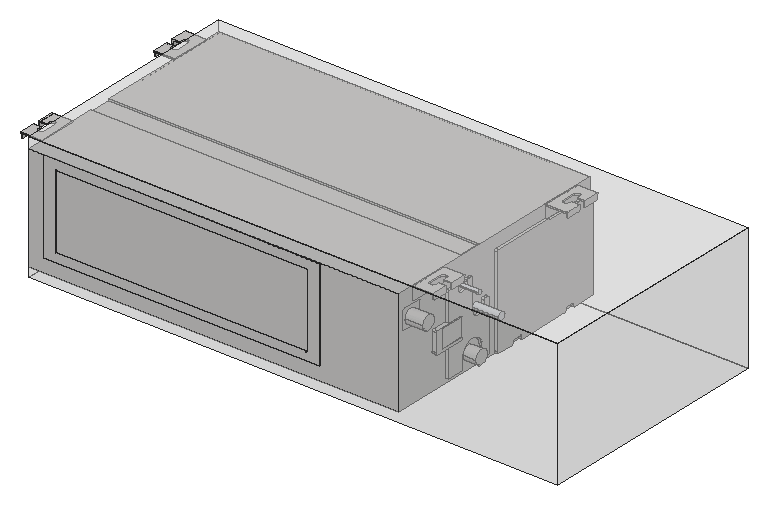
Revit family "outputfile", category 機械設備, Revit 2024
Family settings
  丸型コネクタ寸法 = 半径を使用
  パーツ タイプ = 標準
  OmniClass 番号 = 23.75.10.24.21.27.27
  OmniClass タイトル = Split System Air Conditioning Units
  作業面ベース = いいえ
  常に垂直 = はい
  ロード時にボイドで切り取り = いいえ
  注釈の向きを維持 = いいえ
  共有 = いいえ
  部屋計算ポイント = はい
Parameters (values of type "FPDAQ32APVM")
  Description = ""
  製造元 = "Daikin"
  書き出し IFC クラス(タイプ) = "IfcUnitaryEquipmentType"
  定義済み IFC タイプ(タイプ) = "AIRCONDITIONINGUNIT"
  Cost = 0
  モデル = "FPDAQ32APVM"
  Type Comments = ""
  Keynote = ""
  Type Image = (empty or 0)
  Assembly Code = ""
  lw_suctionflange = 36.75 mm  # constant formula
  r_Liquid Pipe Size = Liquid Pipe Size / 2  # 3.2 mm
  r_Gas Pipe Size = Gas Pipe Size / 2  # 6.35 mm
  r_Drain Pipe Size = Drain Pipe Size / 2  # 13.0 mm
  lw_dischargeflange = 60.0 mm  # constant formula
  lw_SA_left = 351.0 mm
  lw_SA = Width - 178.0 mm  # 522.0 mm
  lw_RA = 624.5 mm
  lh_suctionflange [instance] = if(Rear Connection_Return Air, -100.0 mm, -10.0 mm)  # -100.0 mm
  lh_power = 100.0 mm  # constant formula
  lh_mountinghole1 = lh_mountinghole  # 200.0 mm
  lh_dischargeflange = 112.0 mm  # constant formula
  lh_RA = 198.0 mm  # constant formula
  ld_dischargeflange = 225.0 mm  # constant formula
  ld_suctionflange [instance] = if(Rear Connection_Return Air, 190.0 mm, 100.0 mm)  # 190.0 mm
  angle_vertical_RA [instance] = if(Rear Connection_Return Air, 90.00°, 0.00°)  # 90.00°
  angle horizontal_RA [instance] = if(Rear Connection_Return Air, 180.00°, 270.00°)  # 180.00°
  Voltage_comment_60Hz = "220-230"
  Voltage_comment_50Hz = "220 - 240"
  Voltage_60Hz = 220 V
  Voltage_50Hz = 230 V
  URL = ""
  Supply Air Direction [instance] = yes
  Sound Power Level_H speed (dB) = 0
  Rear Connection_Return Air [instance] = not(Bottom Connection_Return Air)  # yes
  ld_RA = 190.0 mm  # constant formula
  Phase_60Hz = 1
  Phase_50Hz = 1
  Minimum External Static Pressure = 0.00 Pa
  Minimum Circuit Amps_60Hz = 0.48 A
  Minimum Circuit Amps_50Hz = 0.48 A
  Maximum Fuse Amps_60Hz = 16.0 A
  Maximum Fuse Amps_50Hz = 16.0 A
  Maximum External Static Pressure = 10.00 Pa
  Material_Casing = DAIKIN_GalvanizedSteel_Casing_indoorunit
  lw_mountinghole = 740.0 mm
  lh_gaspipe = -98.0 mm  # constant formula
  lh_mountinghole = 200.0 mm  # constant formula
  lh_liquidpipe = -45.5 mm  # constant formula
  lh_drainpipe = -50.0 mm  # constant formula
  lh_antena = 1.0 mm  # constant formula
  ld_drainpipe = 197.0 mm  # constant formula
  ld_liquidpipe = 84.0 mm  # constant formula
  ld_gaspipe = 46.5 mm  # constant formula
  ld_mountinghole = 315.0 mm  # constant formula
  h*** = 100.0 mm  # constant formula
  lw_liquidpipe = 40.0 mm  # constant formula
  lw_gaspipe = 51.0 mm  # constant formula
  lw_drainpipe = 33.0 mm  # constant formula
  Width = 700.0 mm
  Version = "ver.1.0"
  Unit Type = "3D Air Flow Ceiling Mounted Duct Type"
  Unit Mass Weight = 17.00 kg
  Unit Designation [instance] = ""
  Uniclass2015Version = "Products v1.30"
  Uniclass2015Title = "Variable refrigerant flow units"
  Uniclass2015Code = "Pr_70_65_03_94"
  Total Cooling Capacity [instance] = 0.000 kW
  Sound Pressure Level_M speed (dBA) = 30
  Sound Pressure Level_L speed (dBA) = 27
  Sound Pressure Level_H speed (dBA) = 34
  Series = "VRV HOME_Fan Coil Unit"
  Sensible Cooling Capacity [instance] = 0.000 kW
  SA Duct Size Width = 456.0 mm
  SA Duct Size Height = 141.0 mm
  Refrigerant Type = "R410A"
  RA Duct Size Width = 598.5 mm
  RA Duct Size Height = 172.0 mm
  Power Input (Cooling) = 0.032 kW
  Option Accessory 3 [instance] = ""
  Option Accessory 2 [instance] = ""
  Option Accessory 1 [instance] = ""
  Nominal Cooling Capacity = 3.600 kW
  Minimum Airflow = 432.00 m³/h
  Median Airflow = 516.00 m³/h
  Maximum Airflow = 600.00 m³/h
  Load Classification = HVAC
  Liquid Pipe Size = 6.4 mm
  Link_Nested Family [instance] = ""
  IfcVersion = ""
  IfcExportType = "AIRCONDITIONINGUNIT"
  IfcExportAs = "IfcUnitaryEquipmentType"
  Height = 200.0 mm
  Heat Exchanger Type = "Cross Fin Coil"
  Gas Pipe Size = 12.7 mm
  Frequency_60Hz = 60 Hz
  Frequency_50Hz = 50 Hz
  Fan Type = "Sirocco Fan"
  Fan Drive = "Direct Drive"
  FCU Tag No. [instance] = ""
  Drain Pipe Size = 26.0 mm
  Design Supply Airflow [instance] = 0.00 m³/h
  Design Return Airflow [instance] = 0.00 m³/h
  Design External Static Pressure [instance] = 0.00 Pa
  Depth = 450.0 mm
  既定の高さ = 0.0 mm
  Cooling Entering Wet Bulb Temperature [instance] = 0.00 °C
  Cooling Entering Dry Bulb Temperature [instance] = 0.00 °C
  Cooling Ambient Wet Bulb Temperature [instance] = 0.00 °C
  Cooling Ambient Dry Bulb Temperature [instance] = 0.00 °C
  Clearance visibility [instance] = yes
  Clearance Top = 20.0 mm
  Clearance Right = 300.0 mm
  Clearance Rear = 0.0 mm
  Clearance Left = 0.0 mm
  Clearance Front = 0.0 mm
  Clearance Bottom = 20.0 mm
  Bottom Connection_Return Air [instance] = no
  left_pipe = no
Reference planes
  plane 1 "Center (Front/Back)": y = 0
  plane 2 "h": z = 0
  plane 3 "Center (Left/Right)": x = 0
  plane 4 "Back": y = 225
  plane 5 "Front": y = -225
  plane 6 "Left": x = -350
  plane 7 "Reight": x = 350
  plane 8 "Top": z = 0
  plane 9 "Bottom": z = -200
  plane 10: z = 1.2
  plane 11: z = -2
  plane 12: y = -136.255
  plane 13: z = -130.998
  plane 14: y = -88.831
  plane 15: x = -370
  plane 16 "lh_mountinghole": z = 0
  plane 17: y = -197
  plane 18: z = -50
  plane 19: y = -157.5
  plane 20: y = 157.5
  plane 21 "ld_liquidpipe": y = -84
  plane 22 "ld_gaspipe": y = -46.5
  plane 23: y = -215
  plane 24 "ld_maintenacesocket": y = -197
  plane 25: x = -370
  plane 26: x = -350
  plane 27: x = 348.7
  plane 28: x = 383
  plane 29: x = 357
  plane 30: x = 360
  plane 31: x = 358
  plane 32: x = 370
  plane 33: y = -62
  plane 34: x = 375.5
  plane 35: x = 348
  plane 36: y = 225
  plane 37: y = -225
  plane 38: x = -350
  plane 39: x = 650
  plane 40: z = 20
  plane 41: z = -220
  plane 42: y = 250
  plane 43: z = -198
  plane 44: z = 205.102
  plane 45 "d_liquid_pipe": x = 390
  plane 46 "d_gas_pipe": x = 401
  plane 47 "ld_SA": y = -225
  plane 48: x = -350
  plane 49: x = -60
  plane 50: y = 415
  plane 51: z = -88
  plane 52: z = -189.5
  plane 53: x = -349
  plane 54: z = -199
  plane 55: z = -1
  plane 56: y = 35
  plane 57: y = 25
  plane 58: z = -10
  plane 59 "RA_width": x = -36.75
  plane 60: y = 125
  plane 61 "RA_depth": y = 35
  plane 62: z = -100
  plane 63: x = -349
  plane 64: y = 224
  plane 65: x = 242.57
  plane 66: z = -31.16
  plane 67: x = 302
  plane 68: y = 158.8
  plane 69 "h86.5": z = -113.5
  plane 70: y = 111
Forms (mm)
  Extrusion 1, solid, material "DAIKIN_GalvanizedSteel_Casing_indoorunit" <- "Material_Casing"
    sketch origin (0, 0, 0) x (1, 0, 0) y (0, 1, 0)
      loop
        line (-350, 225) -> (-350, -225) -> (350, -225) -> (350, 225) -> (-350, 225)
    from -200 to 0
  Extrusion 2, solid, material "DAIKIN_GalvanizedSteel_Casing_indoorunit" <- "Material_Casing"
    sketch origin (0, 0.312, 0) x (0, 1, 0) y (0, 0, 1)
      loop
        line (182.791, -198) -> (224.688, -198) -> (224.688, -22.445) -> (195.656, -22.445) -> (192.165, -25.937) -> (122.336, -25.937) -> (118.844, -22.445) -> (1.633, -22.445)
        arc (1.633, -22.445) -> (-0.483, -23.322) -> (-1.36, -25.438) r 2.993
        line (-1.36, -25.438) -> (-1.36, -195.007)
        arc (-1.36, -195.007) -> (-0.483, -197.123) -> (1.633, -198) r 2.993
        line (1.633, -198) -> (31.061, -198)
        arc (31.061, -198) -> (33.177, -197.124) -> (34.053, -195.008) r 2.992
        line (34.053, -195.008) -> (34.053, -188.29)
        arc (34.053, -188.29) -> (35.55, -186.794) -> (37.046, -188.29) r 1.496
        line (37.046, -188.29) -> (37.046, -190.333) -> (52.01, -190.333) -> (52.01, -188.29)
        arc (52.01, -188.29) -> (53.506, -186.794) -> (55.002, -188.29) r 1.496
        line (55.002, -188.29) -> (55.002, -195.007)
        arc (55.002, -195.007) -> (55.879, -197.123) -> (57.995, -198) r 2.993
        line (57.995, -198) -> (155.756, -198)
        arc (155.756, -198) -> (157.872, -197.123) -> (158.749, -195.007) r 2.993
        line (158.749, -195.007) -> (158.749, -188.29)
        arc (158.749, -188.29) -> (160.245, -186.794) -> (161.741, -188.29) r 1.496
        line (161.741, -188.29) -> (161.741, -190.333) -> (176.705, -190.333) -> (176.705, -188.29)
        arc (176.705, -188.29) -> (178.201, -186.794) -> (179.697, -188.29) r 1.496
        line (179.697, -188.29) -> (179.697, -195.005)
        arc (179.697, -195.005) -> (180.571, -197.115) -> (182.682, -197.989) r 2.984
      loop
        arc (-61.313, -42.952) -> (-62.034, -41.571) -> (-63.466, -40.958) r 2.32
        line (-63.466, -40.958) -> (-70.317, -40.958)
        arc (-70.317, -40.958) -> (-71.728, -41.542) -> (-72.313, -42.953) r 1.995
        line (-72.313, -42.953) -> (-72.313, -45.5)
        arc (-72.313, -45.5) -> (-84.313, -57.5) -> (-96.313, -45.5) r 12
        line (-96.313, -45.5) -> (-96.313, -42.953)
        arc (-96.313, -42.953) -> (-96.897, -41.542) -> (-98.308, -40.958) r 1.995
        line (-98.308, -40.958) -> (-115.14, -40.958)
        arc (-115.14, -40.958) -> (-116.551, -41.542) -> (-117.135, -42.953) r 1.995
        line (-117.135, -42.953) -> (-117.135, -189.5) -> (-22.307, -189.5) -> (-22.307, -92.768)
        arc (-22.307, -92.768) -> (-22.891, -91.358) -> (-24.302, -90.773) r 1.995
        line (-24.302, -90.773) -> (-30.318, -90.773)
        arc (-30.318, -90.773) -> (-31.728, -91.358) -> (-32.313, -92.768) r 1.995
        line (-32.313, -92.768) -> (-32.313, -99.963)
        arc (-32.313, -99.963) -> (-47.621, -112.774) -> (-61.313, -98.249) r 14.551
        line (-61.313, -98.249) -> (-61.313, -42.952)
    from 350 to 357
  Extrusion 3, solid, material "DAIKIN_GalvanizedSteel_Casing_indoorunit" <- "Material_Casing"
    sketch origin (0, 0, 0) x (0, 1, 0) y (0, 0, 1)
      loop
        line (-91.821, -94.277) -> (-145.472, -94.277)
        arc (-145.472, -94.277) -> (-147.727, -95.07) -> (-148.682, -97.262) r 2.993
        line (-148.682, -97.262) -> (-148.682, -131.007)
        arc (-148.682, -131.007) -> (-147.871, -133.233) -> (-145.694, -134.172) r 2.993
        line (-145.694, -134.172) -> (-92.043, -134.172)
        arc (-92.043, -134.172) -> (-89.788, -133.378) -> (-88.833, -131.187) r 2.993
        line (-88.833, -131.187) -> (-88.831, -97.148)
        arc (-88.831, -97.148) -> (-89.748, -95.111) -> (-91.821, -94.277) r 2.993
    from 350 to 360
  Extrusion 4, void
    sketch origin (0, 0, 0) x (1, 0, 0) y (0, 1, 0)
      loop
        line (348.7, -35.647) -> (-350, -35.647) -> (-350, -77.912) -> (348.7, -77.912) -> (348.7, -35.647)
    from -2 to 0
  Extrusion 5, void
    sketch origin (0, 0, 0) x (0, 1, 0) y (0, 0, 1)
      loop
        line (-136.255, -95.719) -> (-136.255, -130.724) -> (-88.831, -130.724) -> (-88.831, -95.719) -> (-136.255, -95.719)
    from 358 to 360
  Extrusion 6, void
    sketch origin (0, 0, 29.537) x (0, 1, 0) y (0, 0, 1)
      loop
        arc (-37.558, -199.001) -> (-61.998, -174.561) -> (-86.438, -199.001) r 24.44
        line (-86.438, -199.001) -> (-86.438, -219.037) -> (-37.558, -219.037) -> (-37.558, -199.001)
    from 357 to 350
  Extrusion 7, solid, material "DAIKIN_GalvanizedSteel_Casing_indoorunit" <- "Material_Casing"
    sketch origin (0, 0, 0) x (0, 1, 0) y (0, 0, 1)
      loop
        circle (-62, -170) r 12.968
    from 350 to 375.5
  Extrusion 8, solid, material "DAIKIN_GalvanizedSteel_Casing_indoorunit" <- "Material_Casing"
    sketch origin (0, 0, 0) x (0, 1, 0) y (0, 0, 1)
      loop
        circle (-197, -50) r 13
    from 348 to 383
  Extrusion 9, void
    sketch origin (0, 0, 0) x (0, 1, 0) y (0, 0, 1)
      loop
        arc (-212.961, -29.051) -> (-216.488, -30.512) -> (-217.949, -34.039) r 4.988
        line (-217.949, -34.039) -> (-217.949, -63.961)
        arc (-217.949, -63.961) -> (-216.488, -67.488) -> (-212.961, -68.949) r 4.988
        line (-212.961, -68.949) -> (-181.039, -68.949)
        arc (-181.039, -68.949) -> (-177.512, -67.488) -> (-176.051, -63.961) r 4.988
        line (-176.051, -63.961) -> (-176.051, -34.039)
        arc (-176.051, -34.039) -> (-177.512, -30.512) -> (-181.039, -29.051) r 4.988
        line (-181.039, -29.051) -> (-212.961, -29.051)
    from 348 to 350
  Extrusion 10, solid
    sketch origin (0, 0, 0) x (0, 1, 0) y (0, 0, 1)
      loop
        circle (-84, -45.5) r 3.2
    from 350 to 390
  Extrusion 11, solid
    sketch origin (0, 0, 0) x (0, 1, 0) y (0, 0, 1)
      loop
        circle (-46.5, -98) r 6.35
    from 350 to 401
  Extrusion 12, solid, material "DAIKIN_GalvanizedSteel_Casing_indoorunit" <- "Material_Casing"
    sketch origin (0, 0, 0) x (1, 0, 0) y (0, 1, 0)
      loop
        circle (302, 158.8) r 25
    from -198 to -200
  Extrusion 13, void
    sketch origin (0, 0, 0) x (1, 0, 0) y (0, 0, 1)
      loop
        line (-349, -1) -> (-349, -199) -> (262.5, -199) -> (262.5, -1) -> (-349, -1)
    from -225 to -35
  Extrusion 14, void
    sketch origin (0, 0, 0) x (1, 0, 0) y (0, 1, 0)
      loop
        line (-349, 224) -> (-349, 26) -> (262.5, 26) -> (262.5, 224) -> (-349, 224)
    from -200 to -10
  Extrusion 15, solid, material "DAIKIN_GalvanizedSteel_Casing_indoorunit" <- "Material_Casing", visible <- "Rear Connection_Return Air"
    sketch origin (0, 0, 0) x (1, 0, 0) y (0, 1, 0)
      loop
        line (262.5, 224) -> (-349, 224) -> (-349, 26) -> (262.5, 26) -> (262.5, 224)
    from -200 to -199
  Extrusion 16, solid, material "DAIKIN_GalvanizedSteel_Casing_indoorunit" <- "Material_Casing", visible <- "Bottom Connection_Return Air"
    sketch origin (0, 0, 0) x (1, 0, 0) y (0, 0, 1)
      loop
        line (262.5, -1) -> (-349, -1) -> (-349, -199) -> (262.5, -199) -> (262.5, -1)
    from -225 to -215
  Extrusion 17, void
    sketch origin (-350, 0, 0) x (0, 1, 0) y (0, 0, 1)
      loop
        line (152, -88.5) -> (70, -88.5) -> (70, -138.5) -> (152, -138.5) -> (152, -88.5)
    from 0 to 0.5
  Revolve 18, solid, material "DAIKIN_GalvanizedSteel_Casing_indoorunit" <- "Material_Casing", visible <- "left_pipe"
    sketch origin (0, 0, -113.5) x (0, 1, 0) y (-1, 0, 0)
      loop
        line (111, 349.5) -> (111, 373) -> (103.5, 373) -> (103.5, 359) -> (93.5, 359) -> (93.5, 357.5) -> (90, 357.5) -> (90, 349.5) -> (111, 349.5)
      axis (111, 373) -> (111, 349.5)
    angle from 0 to 360
Cuts and joins
  Extrusion 4, Extrusion 5, Extrusion 9, Extrusion 13, Extrusion 14, Extrusion 17 cuts Extrusion 1
  Extrusion 5 cuts Extrusion 3
  Extrusion 6 cuts Extrusion 2
  Extrusion 13 cuts Extrusion 8
Dimensions and locks
  "Height": plane 8 "Top" to plane 9 "Bottom"
  locked: plane 10 to plane 8 "Top" at 1.2
  locked: plane 8 "Top" to plane 11 at 2
  locked: Extrusion 6 sketch curve to Extrusion 6 sketch curve at 48.881
  locked: Extrusion 6 sketch curve to Extrusion 6 sketch curve at 20.035  (x2)
  equal spacing: plane 19, plane 1 "Center (Front/Back)", plane 20
  "ld_mountinghole": plane 19 to plane 20
  "ld_gaspipe": plane 22 "ld_gaspipe" to plane 1 "Center (Front/Back)"
  "ld_liquidpipe": plane 21 "ld_liquidpipe" to plane 1 "Center (Front/Back)"
  "ld_drainpipe": plane 24 "ld_maintenacesocket" to plane 1 "Center (Front/Back)"
  equal spacing: plane 4 "Back", plane 1 "Center (Front/Back)", plane 5 "Front"
  "Depth": plane 4 "Back" to plane 5 "Front"
  locked: plane 12 to plane 1 "Center (Front/Back)" at 136.255
  locked: plane 12 to plane 14 at 47.425
  locked: plane 14 to plane 1 "Center (Front/Back)" at 88.831
  locked: plane 13 to plane 9 "Bottom" at 69.002
  equal spacing: plane 6 "Left", plane 3 "Center (Left/Right)", plane 7 "Reight"
  "Width": plane 6 "Left" to plane 7 "Reight"
  "lw_drainpipe": plane 7 "Reight" to plane 28
  locked: plane 7 "Reight" to plane 29 at 7
  locked: plane 30 to plane 28 at 23
  locked: plane 31 to plane 28 at 25
  equal spacing: plane 25, plane 3 "Center (Left/Right)", plane 32
  "lw_mountinghole": plane 25 to plane 32
  locked: plane 7 "Reight" to plane 34 at 25.5
  locked: plane 35 to plane 7 "Reight" at 2
  "Clearance Left": plane 38 to plane 6 "Left"
  "Clearance Right": plane 7 "Reight" to plane 39
  "Clearance Rear": plane 36 to plane 4 "Back"
  "Clearance Front": plane 5 "Front" to plane 37
  "Clearance Top": plane 40 to plane 8 "Top"
  "Clearance Bottom": plane 9 "Bottom" to plane 41
  locked: plane 42 to plane 4 "Back" at 25
  locked: plane 27 to plane 7 "Reight" at 1.3
  locked: plane 43 to plane 9 "Bottom" at 2
  "lw_liquidpipe": plane 7 "Reight" to plane 45 "d_liquid_pipe"
  "lw_gaspipe": plane 7 "Reight" to plane 46 "d_gas_pipe"
  "lh_mountinghole": plane 16 "lh_mountinghole" to plane 9 "Bottom"
  "ld_suctionflange": plane 50 to plane 4 "Back"
  "lw_dischargeflange": plane 49 to plane 3 "Center (Left/Right)"
  "lh_dischargeflange": plane 51 to plane 9 "Bottom"
  locked: plane 52 to plane 9 "Bottom" at 10.5
  locked: plane 33 to plane 1 "Center (Front/Back)" at 62
  locked: plane 8 "Top" to plane 55 at 1
  locked: plane 53 to plane 6 "Left" at 1
  locked: plane 54 to plane 9 "Bottom" at 1
  locked: plane 58 to plane 9 "Bottom" at 190
  locked: plane 4 "Back" to plane 56 at 190
  locked: plane 4 "Back" to plane 57 at 200
  locked: plane 4 "Back" to plane 60 at 100
  "lw_suctionflange": plane 59 "RA_width" to plane 3 "Center (Left/Right)"
  "ld_suctionflange": plane 4 "Back" to plane 61 "RA_depth"
  "lh_power": plane 62 to plane 9 "Bottom"
  locked: plane 48 to plane 63 at 1
  locked: plane 36 to plane 64 at 1
  locked: plane 8 "Top" to plane 66 at 31.16
  locked: plane 7 "Reight" to plane 65 at 107.43
  locked: plane 18 to plane 9 "Bottom" at 150
  locked: plane 67 to plane 7 "Reight" at 48
  locked: Extrusion 17 sketch curve to Extrusion 17 sketch curve at 82
  locked: Extrusion 17 sketch curve to Extrusion 17 sketch curve at 50
  locked: plane 4 "Back" to Extrusion 17 sketch curve at 73
  locked: Extrusion 17 sketch curve to plane 9 "Bottom" at 61.5
  locked: plane 69 "h86.5" to plane 9 "Bottom" at 86.5
  locked: plane 4 "Back" to plane 70 at 114
  locked: plane 70 to Revolve 18 sketch curve at 21
  locked: plane 70 to Revolve 18 sketch curve at 17.5
  locked: plane 70 to Revolve 18 sketch curve at 7.5
  locked: Revolve 18 sketch curve to plane 6 "Left" at 23
  cut or joined group of Extrusion 1, Extrusion 4, Extrusion 5, Extrusion 9, Extrusion 13, Extrusion 14, Extrusion 17 to nested 16 = 598.5 mm
  nested 16 to nested 9 = 14.0 mm
  nested 16 to cut or joined group of Extrusion 1, Extrusion 4, Extrusion 5, Extrusion 9, Extrusion 13, Extrusion 14, Extrusion 17 = 13.0 mm
  "ld_dischargeflange": plane 47 "ld_SA" to plane 1 "Center (Front/Back)"
  plane 4 "Back" to plane 68 = 66.2 mm
  "Drain Pipe Size": diameter of Extrusion 8 sketch curve
  "Liquid Pipe Size": diameter of Extrusion 10 sketch curve
  "Gas Pipe Size": diameter of Extrusion 11 sketch curve
  aligned and locked: level to plane 2 "h"
  aligned and locked: plane 8 "Top" to Extrusion 1
  aligned and locked: Extrusion 1 to plane 9 "Bottom"
  aligned and locked: cut or joined group of Extrusion 1, Extrusion 4, Extrusion 5, Extrusion 9, Extrusion 13, Extrusion 14, Extrusion 17 to plane 8 "Top"
  aligned and locked: Extrusion 4 to plane 11
  aligned and locked: plane 8 "Top" to Extrusion 4
  aligned and locked: Extrusion 3 to Extrusion 5
  aligned and locked: plane 14 to Extrusion 5 sketch curve
  aligned and locked: Extrusion 5 sketch curve to plane 12
  aligned and locked: plane 19 to nested 1
  aligned and locked: nested 3 to plane 19
  aligned and locked: nested 2 to plane 20
  aligned and locked: nested 4 to plane 22 "ld_gaspipe"
  aligned and locked: nested 5 to plane 21 "ld_liquidpipe"
  aligned and locked: nested 6 to plane 24 "ld_maintenacesocket"
  aligned and locked: plane 4 "Back" to cut or joined group of Extrusion 2, Extrusion 6
  aligned and locked: nested 1 to plane 7 "Reight"
  aligned and locked: plane 6 "Left" to plane 26
  aligned and locked: Extrusion 4 sketch curve to plane 26
  aligned and locked: Extrusion 4 sketch curve to plane 27
  aligned and locked: cut or joined group of Extrusion 1, Extrusion 4, Extrusion 5, Extrusion 9, Extrusion 13, Extrusion 14, Extrusion 17 to plane 6 "Left"
  aligned and locked: plane 7 "Reight" to cut or joined group of Extrusion 1, Extrusion 4, Extrusion 5, Extrusion 9, Extrusion 13, Extrusion 14, Extrusion 17
  aligned and locked: plane 28 to Extrusion 8
  aligned and locked: Extrusion 8 to plane 28  (x2)
  aligned and locked: cut or joined group of Extrusion 2, Extrusion 6 to plane 29
  aligned and locked: plane 29 to cut or joined group of Extrusion 2, Extrusion 6  (x3)
  aligned and locked: plane 7 "Reight" to nested 1
  aligned and locked: cut or joined group of Extrusion 2, Extrusion 6 to plane 7 "Reight"
  aligned and locked: Extrusion 2 to Extrusion 6
  aligned and locked: Extrusion 6 to plane 7 "Reight"
  aligned and locked: plane 30 to cut or joined group of Extrusion 3, Extrusion 5
  aligned and locked: cut or joined group of Extrusion 3, Extrusion 5 to plane 31
  aligned and locked: nested 2 to plane 6 "Left"
  aligned and locked: nested 3 to plane 6 "Left"
  aligned and locked: plane 33 to Extrusion 7 sketch curve
  aligned and locked: Extrusion 7 to plane 7 "Reight"
  aligned and locked: plane 34 to Extrusion 7
  aligned and locked: Extrusion 3 to plane 7 "Reight"
  aligned and locked: plane 7 "Reight" to Extrusion 9
  aligned and locked: plane 35 to Extrusion 9
  aligned and locked: plane 35 to Extrusion 8
  aligned and locked: plane 20 to nested 7
  aligned and locked: plane 3 "Center (Left/Right)" to nested 8
  aligned and locked: plane 1 "Center (Front/Back)" to nested 8
  aligned and locked: plane 7 "Reight" to nested 7
  aligned and locked: plane 4 "Back" to cut or joined group of Extrusion 1, Extrusion 4, Extrusion 5, Extrusion 9, Extrusion 13, Extrusion 14, Extrusion 17
  aligned and locked: nested 9 to plane 37
  aligned and locked: plane 38 to nested 9
  aligned and locked: plane 39 to nested 9
  aligned and locked: nested 9 to plane 38
  aligned and locked: plane 36 to nested 9
  aligned and locked: plane 40 to nested 9
  aligned and locked: plane 41 to nested 9
  aligned and locked: cut or joined group of Extrusion 1, Extrusion 4, Extrusion 5, Extrusion 9, Extrusion 13, Extrusion 14, Extrusion 17 to plane 9 "Bottom"
  aligned and locked: Extrusion 10 to plane 7 "Reight"
  aligned and locked: plane 45 "d_liquid_pipe" to Extrusion 10
  aligned and locked: plane 22 "ld_gaspipe" to Extrusion 11 sketch curve
  aligned and locked: Extrusion 11 to plane 7 "Reight"
  aligned and locked: plane 46 "d_gas_pipe" to Extrusion 11
  aligned and locked: plane 46 "d_gas_pipe" to nested 4
  aligned and locked: plane 45 "d_liquid_pipe" to nested 5
  aligned and locked: plane 21 "ld_liquidpipe" to Extrusion 10 sketch curve
  aligned and locked: plane 16 "lh_mountinghole" to nested 3
  aligned and locked: plane 16 "lh_mountinghole" to nested 2
  aligned and locked: plane 16 "lh_mountinghole" to nested 1
  aligned and locked: plane 16 "lh_mountinghole" to nested 7
  aligned and locked: plane 32 to nested 10
  aligned and locked: plane 19 to nested 10
  aligned and locked: plane 32 to nested 13
  aligned and locked: plane 20 to nested 13
  aligned and locked: plane 25 to nested 11
  aligned and locked: plane 20 to nested 11
  aligned and locked: plane 25 to nested 12
  aligned and locked: plane 19 to nested 12
  aligned and locked: plane 49 to nested 14
  aligned and locked: plane 51 to nested 14
  aligned and locked: plane 20 to nested 15
  aligned and locked: plane 52 to Extrusion 2 sketch curve
  aligned and locked: cut or joined group of Extrusion 2, Extrusion 6 to Extrusion 12
  aligned and locked: Extrusion 12 to plane 9 "Bottom"
  aligned and locked: nested 15 to plane 9 "Bottom"
  aligned and locked: Extrusion 2 sketch curve to plane 43  (x3)
  aligned and locked: plane 53 to Extrusion 13 sketch curve
  aligned and locked: Extrusion 13 sketch curve to plane 55
  aligned and locked: plane 54 to Extrusion 13 sketch curve
  aligned and locked: plane 4 "Back" to Extrusion 13
  aligned and locked: nested 16 to cut or joined group of Extrusion 1, Extrusion 4, Extrusion 5, Extrusion 9, Extrusion 13, Extrusion 14, Extrusion 17
  aligned and locked: Extrusion 14 to plane 9 "Bottom"
  aligned and locked: plane 58 to Extrusion 14
  aligned and locked: Extrusion 15 sketch curve to cut or joined group of Extrusion 1, Extrusion 4, Extrusion 5, Extrusion 9, Extrusion 13, Extrusion 14, Extrusion 17  (x2)
  aligned and locked: cut or joined group of Extrusion 1, Extrusion 4, Extrusion 5, Extrusion 9, Extrusion 13, Extrusion 14, Extrusion 17 to Extrusion 15 sketch curve
  aligned and locked: Extrusion 15 to plane 9 "Bottom"
  aligned and locked: Extrusion 13 to plane 56
  aligned and locked: Extrusion 16 sketch curve to cut or joined group of Extrusion 1, Extrusion 4, Extrusion 5, Extrusion 9, Extrusion 13, Extrusion 14, Extrusion 17  (x3)
  aligned and locked: plane 4 "Back" to Extrusion 16
  aligned and locked: Extrusion 15 to cut or joined group of Extrusion 1, Extrusion 4, Extrusion 5, Extrusion 9, Extrusion 13, Extrusion 14, Extrusion 17
  aligned and locked: plane 7 "Reight" to nested 6
  aligned and locked: plane 24 "ld_maintenacesocket" to nested 6
  aligned and locked: plane 61 "RA_depth" to nested 17
  aligned and locked: plane 67 to Extrusion 12 sketch curve
  aligned and locked: plane 68 to Extrusion 12 sketch curve
  aligned and locked: plane 67 to nested 15
  aligned and locked: nested 18 to Extrusion 16
  aligned and locked: plane 70 to Revolve 18 sketch curve
  aligned and locked: plane 49 to nested 19
  aligned and locked: plane 47 "ld_SA" to nested 19
  aligned and locked: plane 1 "Center (Front/Back)" to nested 14
  aligned and locked: nested 19 to plane 51
Automatic sketch dimensions
  Extrusion 3 sketch curve to Extrusion 3 sketch curve = 0.217 mm  (x2)
  Extrusion 3 sketch curve to Extrusion 3 sketch curve = 2.985 mm  (x2)
  Extrusion 3 sketch curve to Extrusion 3 sketch curve = 53.651 mm
  Extrusion 3 sketch curve to Extrusion 3 sketch curve = 2.988 mm
  Extrusion 3 sketch curve to Extrusion 3 sketch curve = 0.172 mm
  Extrusion 3 sketch curve to Extrusion 3 sketch curve = 0.222 mm
  Extrusion 3 sketch curve to Extrusion 3 sketch curve = 2.993 mm
  Extrusion 3 sketch curve to Extrusion 3 sketch curve = 0.008 mm
  plane 1 "Center (Front/Back)" to Extrusion 4 sketch curve = 77.912 mm
  plane 1 "Center (Front/Back)" to Extrusion 4 sketch curve = 35.647 mm
  plane 9 "Bottom" to Extrusion 7 sketch curve = 30.0 mm
  Extrusion 3 sketch curve to Extrusion 3 sketch curve = 2.99 mm
  plane 9 "Bottom" to Extrusion 3 sketch curve = 65.828 mm
  Extrusion 3 sketch curve to Extrusion 3 sketch curve = 33.917 mm
  Extrusion 3 sketch curve to Extrusion 3 sketch curve = 33.745 mm
  Extrusion 3 sketch curve to plane 19 = 8.818 mm
  plane 23 to Extrusion 1 sketch curve = 10.0 mm
  Extrusion 1 sketch curve to plane 6 "Left" = 0.0 mm
  Extrusion 1 sketch curve to plane 7 "Reight" = 0.0 mm
  plane 23 to Extrusion 9 sketch curve = 2.949 mm
  Extrusion 9 sketch curve to plane 23 = 2.039 mm  (x2)
  Extrusion 9 sketch curve to plane 24 "ld_maintenacesocket" = 15.961 mm
  Extrusion 9 sketch curve to Extrusion 9 sketch curve = 4.988 mm  (x2)
  Extrusion 1 sketch curve to plane 4 "Back" = 0.0 mm
  plane 21 "ld_liquidpipe" to Extrusion 6 sketch curve = 2.438 mm
  plane 43 to Extrusion 6 sketch curve = 8.5 mm
  plane 6 "Left" to Extrusion 14 sketch curve = 1.0 mm
  Extrusion 14 sketch curve to plane 7 "Reight" = 87.5 mm
  Extrusion 14 sketch curve to plane 4 "Back" = 1.0 mm
  Extrusion 15 sketch curve to plane 4 "Back" = 1.0 mm
  plane 51 to Extrusion 5 sketch curve = 7.719 mm
  Extrusion 9 sketch curve to plane 51 = 19.051 mm
  Extrusion 9 sketch curve to plane 58 = 24.039 mm
  Extrusion 10 sketch curve to plane 58 = 35.5 mm
  plane 35 to Extrusion 16 sketch curve = 85.5 mm
  plane 35 to Extrusion 13 sketch curve = 85.5 mm
  plane 57 to Extrusion 14 sketch curve = 1.0 mm
  Extrusion 8 sketch curve to plane 17 = 0.0 mm
  Extrusion 8 sketch curve to plane 18 = 0.0 mm
  plane 62 to Extrusion 11 sketch curve = 2.0 mm
  plane 13 to Extrusion 5 sketch curve = 0.274 mm
  Revolve 18 sketch curve to plane 70 = 0.0 mm
  plane 6 "Left" to Revolve 18 sketch curve = 0.5 mm
  Revolve 18 sketch curve to Revolve 18 sketch curve = 24.26 mm
  Revolve 18 sketch curve to Revolve 18 sketch curve = 20.32 mm
  Extrusion 2 sketch curve to plane 4 "Back" = 0.0 mm
  plane 66 to Extrusion 2 sketch curve = 5.223 mm
  Extrusion 2 sketch curve to plane 4 "Back" = 32.523 mm
  plane 43 to Extrusion 2 sketch curve = 2.995 mm
  Extrusion 2 sketch curve to plane 20 = 25.494 mm
  plane 52 to Extrusion 2 sketch curve = 1.21 mm  (x4)
  Extrusion 2 sketch curve to Extrusion 2 sketch curve = 2.984 mm
  Extrusion 2 sketch curve to Extrusion 2 sketch curve = 1.496 mm  (x3)
  Extrusion 2 sketch curve to plane 52 = 0.833 mm  (x2)
  Extrusion 2 sketch curve to plane 20 = 4.554 mm
  plane 20 to Extrusion 2 sketch curve = 1.432 mm
  Extrusion 2 sketch curve to plane 60 = 2.352 mm
  Extrusion 2 sketch curve to Extrusion 2 sketch curve = 3.492 mm
  plane 43 to Extrusion 2 sketch curve = 2.993 mm
  plane 56 to Extrusion 2 sketch curve = 23.307 mm
  plane 56 to Extrusion 2 sketch curve = 2.359 mm
  plane 56 to Extrusion 2 sketch curve = 0.862 mm
  Extrusion 2 sketch curve to plane 56 = 0.634 mm
  Extrusion 2 sketch curve to Extrusion 2 sketch curve = 2.992 mm
  Extrusion 2 sketch curve to plane 1 "Center (Front/Back)" = 1.945 mm  (x2)
  plane 1 "Center (Front/Back)" to Extrusion 2 sketch curve = 1.047 mm
  Extrusion 2 sketch curve to Extrusion 2 sketch curve = 20.947 mm
  Extrusion 2 sketch curve to Extrusion 2 sketch curve = 1.995 mm  (x4)
  Extrusion 2 sketch curve to Extrusion 2 sketch curve = 6.016 mm
  plane 62 to Extrusion 2 sketch curve = 0.037 mm
  Extrusion 2 sketch curve to plane 22 "ld_gaspipe" = 0.051 mm
  Extrusion 2 sketch curve to plane 66 = 11.792 mm
  Extrusion 2 sketch curve to Extrusion 2 sketch curve = 30.995 mm
  Extrusion 2 sketch curve to Extrusion 2 sketch curve = 2.154 mm
  Extrusion 2 sketch curve to Extrusion 2 sketch curve = 0.144 mm
  Extrusion 2 sketch curve to Extrusion 2 sketch curve = 6.708 mm
  plane 21 "ld_liquidpipe" to Extrusion 2 sketch curve = 0.0 mm
  Extrusion 2 sketch curve to plane 66 = 9.798 mm
  Extrusion 2 sketch curve to Extrusion 2 sketch curve = 16.833 mm
  plane 21 "ld_liquidpipe" to Extrusion 2 sketch curve = 32.823 mm
  plane 51 to Extrusion 2 sketch curve = 4.768 mm
  Extrusion 2 sketch curve to Extrusion 2 sketch curve = 2.547 mm
  Extrusion 2 sketch curve to Extrusion 2 sketch curve = 0.321 mm
  plane 66 to Extrusion 2 sketch curve = 5.722 mm
  Extrusion 2 sketch curve to Extrusion 2 sketch curve = 3.491 mm
  Extrusion 2 sketch curve to Extrusion 2 sketch curve = 0.11 mm
  Extrusion 2 sketch curve to Extrusion 2 sketch curve = 0.0 mm
  plane 66 to Extrusion 2 sketch curve = 8.715 mm
  Revolve 18 sketch curve to Revolve 18 sketch curve = 1.5 mm
  Revolve 18 sketch curve to plane 6 "Left" = 7.5 mm
  radius of Extrusion 7 sketch curve = 12.968 mm
  radius of Extrusion 12 sketch curve = 25.0 mm
Nested families
  nested 1: "daikin_hangerfixture_FPDSQ-APVM" at (350, -157.5, 0), type "daikin_hangerfixture_FPDSQ-APVM"
  nested 2: "daikin_hangerfixture_FPDSQ-APVM" at (-350, 157.5, 0) x (-1, 0, 0) z (0, 0, 1), type "daikin_hangerfixture_FPDSQ-APVM"
  nested 3: "daikin_hangerfixture_FPDSQ-APVM" at (-350, -157.5, 0) x (-1, 0, 0) z (0, 0, 1), type "daikin_hangerfixture_FPDSQ-APVM"
  nested 4: "daikin_connector_rotate2" at (350, -46.5, -98) x (0, 1, 0) z (0, 0, 1), length <- "lw_gaspipe", built-in parameter 1001364 <- "lh_gaspipe", type "daikin_connector_rotate2"
    with radius 6.35 mm, length 51.0 mm, angle_vertical 90.00°
  nested 5: "daikin_connector_rotate2" at (350, -84, -45.5) x (0, 1, 0) z (0, 0, 1), length <- "lw_liquidpipe", built-in parameter 1001364 <- "lh_liquidpipe", type "daikin_connector_rotate2"
    with radius 3.2 mm, length 40.0 mm, angle_vertical 90.00°
  nested 6: "daikin_connector_rotate2" at (350, -197, -50) x (0, 1, 0) z (0, 0, 1), length <- "lw_drainpipe", built-in parameter 1001364 <- "lh_drainpipe", type "daikin_connector_rotate2"
    with radius 13.0 mm, length 33.0 mm, angle_vertical 90.00°
  nested 7: "daikin_hangerfixture_FPDSQ-APVM" at (350, 157.5, 0), type "daikin_hangerfixture_FPDSQ-APVM"
  nested 8: "daikin_△_symbolicline" at (0, 0, 200), built-in parameter 1001364 <- "Height", visible <- "Supply Air Direction", type "daikin_△_symbolicline"
    with length 200.0 mm
  nested 9: "daikin_clearancespace" at (150, 0, -99.881), visible <- "Clearance visibility", show <- "Clearance visibility", Link_Nested Family <- "Link_Nested Family", type "daikin_clearancespace"
    with width 1000.0 mm, show yes, height 240.0 mm, depth 450.0 mm, Link_Nested Family ""
  nested 10: "daikin_mountinghole" at (370, -157.5, -200), l_antenna <- "lh_antena", Link_Nested Family <- "Link_Nested Family", h_mountinghole <- "lh_mountinghole1", type "daikin_mountinghole"
    with show yes, l_antenna 1.0 mm, h_mountinghole 200.0 mm, Link_Nested Family ""
  nested 11: "daikin_mountinghole" at (-370, 157.5, -200), l_antenna <- "lh_antena", Link_Nested Family <- "Link_Nested Family", h_mountinghole <- "lh_mountinghole1", type "daikin_mountinghole"
    with show yes, l_antenna 1.0 mm, h_mountinghole 200.0 mm, Link_Nested Family ""
  nested 12: "daikin_mountinghole" at (-370, -157.5, -200), l_antenna <- "lh_antena", Link_Nested Family <- "Link_Nested Family", h_mountinghole <- "lh_mountinghole1", type "daikin_mountinghole"
    with show yes, l_antenna 1.0 mm, h_mountinghole 200.0 mm, Link_Nested Family ""
  nested 13: "daikin_mountinghole" at (370, 157.5, -200), l_antenna <- "lh_antena", Link_Nested Family <- "Link_Nested Family", h_mountinghole <- "lh_mountinghole1", type "daikin_mountinghole"
    with show yes, l_antenna 1.0 mm, h_mountinghole 200.0 mm, Link_Nested Family ""
  nested 14: "daikin_connector_rotate2" at (-60, 0, -88), length <- "ld_dischargeflange", type "daikin_connector_rotate2"
    with radius 10.0 mm, length 225.0 mm, angle_vertical 90.00°
  nested 15: "daikin_connector_rotate2" at (302, 157.5, -100) x (1, 0, 0) z (0, -1, 0), length <- "lh_power", type "daikin_connector_rotate2"
    with radius 10.0 mm, length 100.0 mm, angle_vertical 90.00°
  nested 16: "daikin_ductflange_FPDSQ-APVM2" at (-36.75, 225, -199), height <- "lh_RA", width <- "lw_RA", visible <- "Rear Connection_Return Air", type "daikin_ductflange_FPDSQ-APVM2"
    with width 624.5 mm, height 198.0 mm, depth 8.188 mm
  nested 17: "daikin_connector_rotate3" at (-36.75, 35, -100), built-in parameter 1001364 <- "lh_suctionflange", length <- "ld_RA", angle_vertical <- "angle_vertical_RA", angle_horizontal <- "angle horizontal_RA", type "daikin_connector_rotate3"
    with show no, radius 10.0 mm, length 190.0 mm, angle_vertical 90.00°, angle_horizontal 180.00°
  nested 18: "daikin_ductflange_FPDSQ-APVM2" at (-36.75, 26, -200) x (1, 0, 0) z (0, 1, 0), width <- "lw_RA", height <- "lh_RA", visible <- "Bottom Connection_Return Air", type "daikin_ductflange_FPDSQ-APVM2"
    with width 624.5 mm, height 198.0 mm, depth 562.323 mm
  nested 19: "daikin_ductflange_FPDSQ-APVM3" at (-60, -225, -187), height <- "lh_RA", width <- "lw_SA", type "daikin_ductflange_FPDSQ-APVM3"
    with width 522.0 mm, height 198.0 mm, depth 1.0 mm
Connectors
  piping at (401, -46.5, -98), diameter 12.7, driven by "r_Gas Pipe Size"
    settings: on nested 4, index 3, connector inside diameter 609.6 mm, connector length 0.0 mm, flow factor 0, pipe flow 0.00 m³/h, pressure drop 0.0 Pa, fitting loss kfactor 0, connector angle 0.00°, fixture units 0, engagement length 0.0 mm, angle of deflection 0.00°, flow configuration 1, flow direction 2, fitting loss method 0, system type 29, joint type 0, gender type 0, connector reference index -1, connector utility 0, adjustable connector no, is connector primary yes, connector description "Refrigerant Gas Piping"
  piping at (390, -84, -45.5), diameter 6.4, driven by "r_Liquid Pipe Size"
    settings: on nested 5, index 4, connector inside diameter 609.6 mm, connector length 0.0 mm, flow factor 0, pipe flow 0.00 m³/h, pressure drop 0.0 Pa, fitting loss kfactor 0, connector angle 0.00°, fixture units 0, engagement length 0.0 mm, angle of deflection 0.00°, flow configuration 1, flow direction 1, fitting loss method 0, system type 29, joint type 0, gender type 0, connector reference index -1, connector utility 0, adjustable connector no, is connector primary no, connector description "Refrigerant Liquid Piping"
  piping at (383, -197, -50), diameter 26, driven by "r_Drain Pipe Size"
    settings: on nested 6, index 5, connector inside diameter 609.6 mm, connector length 0.0 mm, flow factor 0, pipe flow 0.00 m³/h, pressure drop 0.0 Pa, fitting loss kfactor 0, connector angle 0.00°, fixture units 0, engagement length 0.0 mm, angle of deflection 0.00°, flow configuration 1, flow direction 2, fitting loss method 4, system type 16, joint type 0, gender type 0, connector reference index -1, connector utility 0, adjustable connector no, is connector primary no, connector description "Condensate Drain Piping"
  electrical at (302, 157.5, -200), driven by "Load Classification"
    settings: on nested 15, index 12, voltage 0 V, apparent load 0 VA, apparent load phase1 0 VA, apparent load phase2 0 VA, apparent load phase3 0 VA, power factor 1, load classification "HVAC", number of poles 1, system type 30, power factor state 1, is connector primary yes, connector utility no, sub classification motor no, connector description "Power Supply"
  hvac at (-36.75, 225, -100), driven by "RA Duct Size Height", driven by "RA Duct Size Width"
    settings: on nested 17, index 13, duct flow 0.00 m³/h, flow factor 0, pres drop 0.00 Pa, loss coef 0, conn angle 0.00°, conn width 598.5 mm, conn height 172.0 mm, conn diameter 609.6 mm, duct sys type 2, conn prof type 1, flow config 0, flow direction 1, loss method 4, conn ref index -1, conn util no, is conn primary yes, conn desc "RA Duct"
  hvac at (-60, -225, -88), driven by "SA Duct Size Height", driven by "SA Duct Size Width"
    settings: on nested 14, index 14, duct flow 0.00 m³/h, flow factor 0, pres drop 0.00 Pa, loss coef 0, conn angle 0.00°, conn width 456.0 mm, conn height 141.0 mm, conn diameter 609.6 mm, duct sys type 1, conn prof type 1, flow config 0, flow direction 2, loss method 4, conn ref index -1, conn util no, is conn primary no, conn desc "SA Duct"
Definition of nested family "daikin_hangerfixture_FPDSQ-APVM"
  Parameters (values of type "daikin_hangerfixture_FXDSQ-AVM")
    width = 40.0 mm
    material = none
    height = 25.0 mm
    depth = 75.0 mm
    Default Elevation = 0.0 mm
  Reference planes
    plane 1 "Center (Front/Back)": y = 0
    plane 2: z = 0
    plane 3 "Center (Left/Right)": x = 0
    plane 4: y = 417.146
    plane 5: z = -1.6
    plane 6: z = -65
    plane 7: z = -12
    plane 8: x = 40
    plane 9: y = 37.5
    plane 10: y = -37.5
    plane 11: y = -41
    plane 12: y = 41
    plane 13: z = -25
    plane 14: x = 1.5
    plane 15: x = 14
    plane 16: x = 26
    plane 17: x = 38
  Forms (mm)
    Extrusion 1, solid, material <- "material"
      sketch origin (0, 0, 0) x (1, 0, 0) y (0, 1, 0)
        loop
          line (0, 37.5) -> (0, -37.5) -> (40, -37.5) -> (40, -6.539) -> (26, -6.539) -> (26, -12.19)
          arc (26, -12.19) -> (20, -18.19) -> (14, -12.19) r 6
          line (14, -12.19) -> (14, 12.19)
          arc (14, 12.19) -> (20, 18.19) -> (26, 12.19) r 6
          line (26, 12.19) -> (26, 6.539) -> (40, 6.539) -> (40, 37.5) -> (0, 37.5)
      from -1.6 to 0
    Extrusion 2, solid, material <- "material"
      sketch origin (0, 0, 0) x (0, 1, 0) y (0, 0, 1)
        loop
          line (37.5, -20.411) -> (37.5, 0) -> (-37.5, 0) -> (-37.5, -20.411)
          arc (-37.5, -20.411) -> (-36.156, -23.656) -> (-32.911, -25) r 4.589
          line (-32.911, -25) -> (32.911, -25)
          arc (32.911, -25) -> (36.156, -23.656) -> (37.5, -20.411) r 4.589
      from 0 to 1.5
    Extrusion 3, solid, material <- "material"
      sketch origin (0, 0, 0) x (0, 1, 0) y (0, 0, 1)
        loop
          line (-6.5, 0) -> (-35, 0) -> (-35, -8)
          arc (-35, -8) -> (-34.121, -10.121) -> (-32, -11) r 3
          line (-32, -11) -> (-9.5, -11)
          arc (-9.5, -11) -> (-7.379, -10.121) -> (-6.5, -8) r 3
          line (-6.5, -8) -> (-6.5, 0)
        loop
          line (6.5, 0) -> (6.5, -8)
          arc (6.5, -8) -> (7.379, -10.121) -> (9.5, -11) r 3
          line (9.5, -11) -> (32, -11)
          arc (32, -11) -> (34.121, -10.121) -> (35, -8) r 3
          line (35, -8) -> (35, 0) -> (6.5, 0)
      from 38 to 40
  Cuts and joins
    joined: Extrusion 1, Extrusion 2, Extrusion 3
  Dimensions and locks
    "width": plane 3 "Center (Left/Right)" to plane 8
    "depth": plane 10 to plane 9
    equal spacing: plane 10, plane 1 "Center (Front/Back)", plane 9
    locked: plane 11 to plane 10 at 3.5
    locked: plane 9 to plane 12 at 3.5
    "height": level to plane 13
    locked: plane 14 to plane 3 "Center (Left/Right)" at 1.5
    plane 3 "Center (Left/Right)" to plane 15 = 14.0 mm
    locked: plane 15 to plane 16 at 12
    locked: plane 8 to plane 17 at 2
    aligned and locked: level to plane 2
    aligned and locked: level to Extrusion 1
    aligned and locked: Extrusion 1 to plane 5
    aligned and locked: Extrusion 1 sketch curve to plane 3 "Center (Left/Right)"
    aligned and locked: Extrusion 1 sketch curve to plane 8  (x2)
    aligned and locked: level to Extrusion 2 sketch curve
    aligned and locked: Extrusion 2 to plane 13
    aligned and locked: plane 14 to Extrusion 2
    aligned and locked: plane 9 to Extrusion 1 sketch curve
    aligned and locked: Extrusion 1 sketch curve to plane 10
    aligned and locked: Extrusion 1 sketch curve to plane 15
    aligned and locked: plane 16 to Extrusion 1 sketch curve  (x2)
    aligned and locked: cut or joined group of Extrusion 1, Extrusion 2, Extrusion 3 to plane 17
  Automatic sketch dimensions
    plane 9 to Extrusion 2 sketch curve = 4.589 mm
    Extrusion 2 sketch curve to plane 7 = 8.411 mm
    Extrusion 2 sketch curve to plane 10 = 4.589 mm
    Extrusion 2 sketch curve to Extrusion 2 sketch curve = 4.589 mm
    Extrusion 2 sketch curve to plane 9 = 0.0 mm
    plane 1 "Center (Front/Back)" to Extrusion 1 sketch curve = 12.19 mm
    Extrusion 1 sketch curve to Extrusion 1 sketch curve = 5.651 mm  (x2)
    Extrusion 1 sketch curve to plane 1 "Center (Front/Back)" = 6.539 mm
    Extrusion 3 sketch curve to level = 0.0 mm  (x2)
    Extrusion 3 sketch curve to plane 10 = 2.5 mm
    plane 7 to Extrusion 3 sketch curve = 1.0 mm  (x2)
    Extrusion 3 sketch curve to Extrusion 3 sketch curve = 3.0 mm  (x2)
    plane 7 to Extrusion 3 sketch curve = 4.0 mm
    plane 1 "Center (Front/Back)" to Extrusion 3 sketch curve = 9.5 mm
    Extrusion 3 sketch curve to plane 1 "Center (Front/Back)" = 6.5 mm
    plane 9 to Extrusion 3 sketch curve = 5.5 mm
    plane 9 to Extrusion 3 sketch curve = 2.5 mm
Definition of nested family "daikin_clearancespace"
  Parameters (values of type "daikin_clearancespace")
    Description = "daikin_clearancespace"
    width [instance] = 1823.963 mm
    show [instance] = yes
    material = none
    height [instance] = 1359.762 mm
    depth [instance] = 880.0 mm
    Default Elevation = 0.0 mm
    Link_Nested Family [instance] = ""
  Reference planes
    plane 1 "Center (Front/Back)": y = 0
    plane 2 "Center (Elevation)": z = -0.119
    plane 3 "Center (Left/Right)": x = 0
    plane 4: y = 440
    plane 5: y = -440
    plane 6 "Right": x = 911.982
    plane 7 "Left": x = -911.982
    plane 8 "Top": z = 679.762
    plane 9 "Bottom": z = -680
  Forms (mm)
    Extrusion 1, solid, material <- "material", visible <- "show"
      sketch origin (0, 0, 0) x (1, 0, 0) y (0, 1, 0)
        loop
          line (-911.982, 440) -> (-911.982, -440) -> (911.982, -440) -> (911.982, 440) -> (-911.982, 440)
      from -680 to 679.762
  Lines and regions (mm)
    symbolic lines, visible <- "show"
      curve 1: line (911.982, 440, 0) -> (-911.982, 440, 0)
      curve 2: line (-911.982, 440, 0) -> (-911.982, -440, 0)
      curve 3: line (-911.982, -440, 0) -> (911.982, -440, 0)
      curve 4: line (911.982, -440, 0) -> (911.982, 440, 0)
      curve 5: line (911.982, 0, 679.762) -> (-911.982, 0, 679.762)
      curve 6: line (911.982, 0, -680) -> (911.982, 0, 679.762)
      curve 7: line (-911.982, 0, -680) -> (911.982, 0, -680)
      curve 8: line (-911.982, 0, 679.762) -> (-911.982, 0, -680)
      curve 9: line (0, 440, 679.762) -> (0, -440, 679.762)
      curve 10: line (0, -440, 679.762) -> (0, -440, -680)
      curve 11: line (0, 440, -680) -> (0, 440, 679.762)
      curve 12: line (0, -440, -680) -> (0, 440, -680)
  Dimensions and locks
    "width": plane 7 "Left" to plane 6 "Right"
    "depth": plane 4 to plane 5
    "height": plane 8 "Top" to plane 9 "Bottom"
    equal spacing: plane 7 "Left", plane 3 "Center (Left/Right)", plane 6 "Right"
    equal spacing: plane 4, plane 1 "Center (Front/Back)", plane 5
    equal spacing: plane 8 "Top", plane 2 "Center (Elevation)", plane 9 "Bottom"
    aligned and locked: level to plane 2 "Center (Elevation)"
    aligned and locked: Extrusion 1 sketch curve to plane 4
    aligned and locked: plane 7 "Left" to Extrusion 1 sketch curve
    aligned and locked: Extrusion 1 sketch curve to plane 5
    aligned and locked: Extrusion 1 sketch curve to plane 6 "Right"
    aligned and locked: plane 8 "Top" to Extrusion 1
    aligned and locked: curve 1 to Extrusion 1
    aligned and locked: curve 2 to Extrusion 1
    aligned and locked: curve 3 to Extrusion 1
    aligned and locked: curve 4 to Extrusion 1
    aligned and locked: curve 5 to Extrusion 1
    aligned and locked: curve 6 to Extrusion 1
    aligned and locked: curve 7 to Extrusion 1
    aligned and locked: curve 8 to Extrusion 1
    aligned and locked: curve 9 to Extrusion 1
    aligned and locked: curve 10 to Extrusion 1
    aligned and locked: curve 11 to Extrusion 1
    aligned and locked: curve 12 to Extrusion 1
    aligned and locked: Extrusion 1 to plane 9 "Bottom"
Definition of nested family "daikin_ductflange_FPDSQ-APVM2"
  Parameters (values of type "daikin_ductflange_FXDSQ-AVM2")
    width [instance] = 625.5 mm
    material = none
    height [instance] = 198.0 mm
    depth [instance] = 1.0 mm
    Default Elevation = 0.0 mm
  Reference planes
    plane 1 "Center (Front/Back)": y = 0
    plane 2: z = 0
    plane 3 "Center (Left/Right)": x = 0
    plane 4: x = -312.75
    plane 5: x = 312.75
    plane 6 "Top": z = 198
    plane 7: y = -1
    plane 8: z = 185
    plane 9: z = 13
    plane 10 "Center (Elevation)": z = 99
    plane 11: x = -299.75
    plane 12: x = 299.75
  Forms (mm)
    Extrusion 1, solid, material <- "material"
      sketch origin (0, 0, 0) x (1, 0, 0) y (0, 0, 1)
        loop
          line (-312.75, 198) -> (-312.75, 0) -> (312.75, 0) -> (312.75, 198) -> (-312.75, 198)
        loop
          line (-299.75, 185) -> (-299.75, 13) -> (299.75, 13) -> (299.75, 185) -> (-299.75, 185)
      from 0 to 1
  Dimensions and locks
    "height": plane 6 "Top" to plane 2
    "width": plane 4 to plane 5
    equal spacing: plane 4, plane 3 "Center (Left/Right)", plane 5
    Extrusion 1 sketch curve to Extrusion 1 sketch curve = 13.0 mm  (x4)
    "depth": plane 7 to plane 1 "Center (Front/Back)"
    locked: plane 6 "Top" to plane 8 at 13
    locked: plane 9 to plane 2 at 13
    equal spacing: plane 6 "Top", plane 10 "Center (Elevation)", plane 2
    locked: plane 11 to plane 4 at 13
    locked: plane 5 to plane 12 at 13
    aligned and locked: level to plane 2
    aligned and locked: Extrusion 1 sketch curve to plane 6 "Top"
    aligned and locked: plane 4 to Extrusion 1 sketch curve
    aligned and locked: Extrusion 1 sketch curve to plane 5
    aligned and locked: plane 2 to Extrusion 1 sketch curve
    aligned and locked: plane 11 to Extrusion 1
    aligned and locked: Extrusion 1 to plane 12
    aligned and locked: Extrusion 1 to plane 8
    aligned and locked: plane 9 to Extrusion 1
    aligned and locked: plane 5 to Extrusion 1
    aligned and locked: Extrusion 1 to plane 4
Definition of nested family "daikin_ductflange_FPDSQ-APVM3"
  Parameters (values of type "daikin_ductflange_FPDSQ-APVM3")
    width [instance] = 620.0 mm
    material = none
    height [instance] = 198.0 mm
    depth [instance] = 1.0 mm
    Default Elevation = 0.0 mm
  Reference planes
    plane 1 "Center (Front/Back)": y = 0
    plane 2: z = 0
    plane 3 "Center (Left/Right)": x = 0
    plane 4: x = -310
    plane 5: x = 310
    plane 6 "Top": z = 198
    plane 7: y = -1
    plane 8: z = 186
    plane 9: z = 12
    plane 10 "Center (Elevation)": z = 99
    plane 11: x = -287
    plane 12: x = 287
    plane 13: z = 28.5
    plane 14: z = 169.5
  Forms (mm)
    Extrusion 1, solid, material <- "material"
      sketch origin (0, 0, -785) x (1, 0, 0) y (0, 0, 1)
        loop
          line (-310, 971) -> (-310, 797) -> (310, 797) -> (310, 971) -> (-310, 971)
        loop
          line (-287, 954.5) -> (-287, 813.5) -> (287, 813.5) -> (287, 954.5) -> (-287, 954.5)
      from 0 to 1
  Dimensions and locks
    "height": plane 6 "Top" to plane 2
    "width": plane 4 to plane 5
    equal spacing: plane 4, plane 3 "Center (Left/Right)", plane 5
    "depth": plane 7 to plane 1 "Center (Front/Back)"
    equal spacing: plane 6 "Top", plane 10 "Center (Elevation)", plane 2
    locked: plane 11 to plane 4 at 23
    locked: plane 5 to plane 12 at 23
    locked: plane 13 to plane 9 at 16.5
    locked: plane 6 "Top" to plane 8 at 12
    locked: plane 8 to plane 14 at 16.5
    locked: plane 14 to plane 13 at 141
    aligned and locked: level to plane 2
    aligned and locked: plane 4 to Extrusion 1 sketch curve
    aligned and locked: Extrusion 1 sketch curve to plane 5
    aligned and locked: plane 11 to Extrusion 1  (x2)
    aligned and locked: Extrusion 1 to plane 12  (x2)
    aligned and locked: plane 5 to Extrusion 1
    aligned and locked: Extrusion 1 to plane 4
    aligned and locked: Extrusion 1 sketch curve to plane 12
    aligned and locked: plane 11 to Extrusion 1 sketch curve
    aligned and locked: plane 8 to Extrusion 1
    aligned and locked: Extrusion 1 to plane 9
  Automatic sketch dimensions
    level to Extrusion 1 sketch curve = 12.0 mm
    plane 13 to Extrusion 1 sketch curve = 0.0 mm
    plane 14 to Extrusion 1 sketch curve = 0.0 mm
    Extrusion 1 sketch curve to plane 6 "Top" = 12.0 mm
Definition of nested family "daikin_connector_rotate2"
  Parameters (values of type "daikin_connector_rotate2")
    show_face = no
    radius [instance] = 10.0 mm
    length [instance] = 600.0 mm
    d_surface = 10.0 mm
    angle_vertical [instance] = 90.00°
    Default Elevation = 0.0 mm
  Reference planes
    plane 1 "Center (Front/Back)": y = 0
    plane 2: z = 0
    plane 3 "Center (Left/Right)": x = 0
  Forms (mm)
    Extrusion 1, solid, visible <- "show_face"
      sketch origin (0, -600, 0) x (1, 0, 0) y (0, 0, 1)
        loop
          circle (0, 0) r 10
      from 0 to -10
  Lines and regions (mm)
    reference lines
      curve 1: line (0, 0, 0) -> (0, -600, 0)
    symbolic lines
      curve 2: circle (0, 0, 0) r 5 normal (0, 0, 1)
    model lines, visible <- "show_face"
      curve 3: line (0, 0, 0) -> (0, -600, 0)
  Dimensions and locks
    "length": curve 1 to curve 1
    "length": curve 3 to curve 3
    "d_surface": Extrusion 1 to Extrusion 1
    "radius": radius of Extrusion 1 sketch curve
    "angle_vertical": angle curve 1 to plane 1 "Center (Front/Back)"
    "angle_vertical": angle curve 3 to plane 1 "Center (Front/Back)"
    aligned and locked: level to plane 2
    aligned and locked: plane 1 "Center (Front/Back)" to curve 1
    aligned and locked: plane 2 to curve 1
    aligned and locked: plane 1 "Center (Front/Back)" to curve 2
    aligned and locked: plane 3 "Center (Left/Right)" to curve 2
    aligned and locked: plane 1 "Center (Front/Back)" to curve 3
    aligned and locked: plane 2 to curve 3
    aligned and locked: Extrusion 1 to Extrusion 1
  Automatic sketch dimensions
    Extrusion 1 sketch curve to level = 0.0 mm
    Extrusion 1 sketch curve to plane 3 "Center (Left/Right)" = 0.0 mm
    radius of curve 2 = 5.0 mm
Definition of nested family "daikin_△_symbolicline"
  Parameters (values of type "daikin_△_symbolicline")
    length [instance] = 200.0 mm
    Default Elevation = 0.0 mm
  Reference planes
    plane 1 "Center (Front/Back)": y = 0
    plane 2: z = 0
    plane 3 "Center (Left/Right)": x = 0
  Lines and regions (mm)
    symbolic lines
      curve 1: line (0, -173.205, 0) -> (100, 0, 0)
      curve 2: line (100, 0, 0) -> (-100, 0, 0)
      curve 3: line (-100, 0, 0) -> (0, -173.205, 0)
  Dimensions and locks
    equal spacing: curve 3, plane 3 "Center (Left/Right)", curve 2
    "length": curve 3 to curve 2
    "length": curve 3 to curve 3
    "length": curve 1 to curve 1
    aligned and locked: level to plane 2
    aligned and locked: curve 2 to plane 1 "Center (Front/Back)"
    aligned and locked: plane 3 "Center (Left/Right)" to curve 3
Definition of nested family "daikin_mountinghole"
  Parameters (values of type "daikin_mountinghole")
    Default Elevation = 1219.2 mm
    Type Comments = "mountinghole"
    show [instance] = yes
    material = none
    l_centerline = 100.0 mm
    l_antenna [instance] = 100.0 mm
    h_mountinghole [instance] = 0.0 mm
    d_circle = 30.0 mm
    Link_Nested Family [instance] = ""
  Reference planes
    plane 1 "Center (Front/Back)": y = 0
    plane 2: z = 0
    plane 3 "Center (Left/Right)": x = 0
    plane 4: y = 50
    plane 5: x = -50
    plane 6: x = 50
    plane 7: y = -50
    plane 8 "h_mountinghole": z = 0
    plane 9: z = 100
  Lines and regions (mm)
    model lines, detail levels fine
      curve 1: circle (0, 0, 0) r 15 normal (0, 0, 1)
      curve 2: line (-50, 0, 0) -> (50, 0, 0)
      curve 3: line (0, 50, 0) -> (0, -50, 0)
    symbolic lines, detail levels fine
      curve 4: circle (0, 0, 0) r 15 normal (0, 0, 1)
      curve 5: line (-50, 0, 0) -> (50, 0, 0)
      curve 6: line (0, 50, 0) -> (0, -50, 0)
    model lines
      curve 7: line (0, 0, 100) -> (0, 0, 0)
  Dimensions and locks
    equal spacing: plane 4, plane 1 "Center (Front/Back)", plane 7
    "l_centerline": plane 4 to plane 7
    equal spacing: plane 5, plane 3 "Center (Left/Right)", plane 6
    "l_centerline": plane 5 to plane 6
    "l_antenna": plane 9 to plane 8 "h_mountinghole"
    "h_mountinghole": plane 8 "h_mountinghole" to plane 2
    "d_circle": diameter of curve 1
    "d_circle": diameter of curve 4
    aligned and locked: level to plane 2
    aligned and locked: plane 1 "Center (Front/Back)" to curve 1
    aligned and locked: plane 3 "Center (Left/Right)" to curve 1
    aligned and locked: plane 1 "Center (Front/Back)" to curve 2
    aligned and locked: curve 3 to plane 3 "Center (Left/Right)"
    aligned and locked: plane 6 to curve 2
    aligned and locked: plane 5 to curve 2
    aligned and locked: plane 4 to curve 3
    aligned and locked: plane 7 to curve 3
    aligned and locked: plane 1 "Center (Front/Back)" to curve 4
    aligned and locked: plane 3 "Center (Left/Right)" to curve 4
    aligned and locked: plane 6 to curve 5
    aligned and locked: plane 5 to curve 5
    aligned and locked: plane 1 "Center (Front/Back)" to curve 5
    aligned and locked: plane 4 to curve 6
    aligned and locked: plane 7 to curve 6
    aligned and locked: curve 6 to plane 3 "Center (Left/Right)"
    aligned and locked: curve 7 to plane 3 "Center (Left/Right)"
    aligned and locked: plane 9 to curve 7
    aligned and locked: plane 8 "h_mountinghole" to curve 7
Definition of nested family "daikin_connector_rotate3"
  Parameters (values of type "daikin_connector_rotate3")
    show [instance] = yes
    radius [instance] = 10.0 mm
    length [instance] = 600.0 mm
    angle_horizontal [instance] = 60.00°
    angle_vertical [instance] = 90.00°
    Default Elevation = 0.0 mm
  Reference planes
    plane 1 "Center (Front/Back)": y = 0
    plane 2: z = 0
    plane 3 "Center (Left/Right)": x = 0
  Dimensions and locks
    "angle_horizontal": angle plane 3 "Center (Left/Right)" to nested 1
    aligned and locked: level to plane 2
    aligned and locked: plane 1 "Center (Front/Back)" to nested 1  (x2)
    aligned and locked: plane 3 "Center (Left/Right)" to nested 1
  Nested families
    nested 1: "daikin_connector_rotate2" at (0, 0, 0) x (0.5, 0.866, 0) z (0, 0, 1), angle_vertical <- "angle_vertical", length <- "length", radius <- "radius", type "daikin_connector_rotate2"
      with radius 10.0 mm, length 600.0 mm, angle_vertical 90.00°
  Definition of nested family "daikin_connector_rotate2"
    Parameters (values of type "daikin_connector_rotate2")
      show_face = yes
      radius [instance] = 10.0 mm
      length [instance] = 600.0 mm
      d_surface = 10.0 mm
      angle_vertical [instance] = 90.00°
      Default Elevation = 0.0 mm
    Reference planes
      plane 1 "Center (Front/Back)": y = 0
      plane 2: z = 0
      plane 3 "Center (Left/Right)": x = 0
    Forms (mm)
      Extrusion 1, solid, visible <- "show_face"
        sketch origin (0, -600, 0) x (1, 0, 0) y (0, 0, 1)
          loop
            circle (0, 0) r 10
        from 0 to -10
    Lines and regions (mm)
      reference lines
        curve 1: line (0, 0, 0) -> (0, -600, 0)
      symbolic lines
        curve 2: circle (0, 0, 0) r 5 normal (0, 0, 1)
      model lines, visible <- "show_face"
        curve 3: line (0, 0, 0) -> (0, -600, 0)
    Dimensions and locks
      "length": curve 1 to curve 1
      "length": curve 3 to curve 3
      "d_surface": Extrusion 1 to Extrusion 1
      "radius": radius of Extrusion 1 sketch curve
      "angle_vertical": angle curve 1 to plane 1 "Center (Front/Back)"
      "angle_vertical": angle curve 3 to plane 1 "Center (Front/Back)"
      aligned and locked: level to plane 2
      aligned and locked: plane 1 "Center (Front/Back)" to curve 1
      aligned and locked: plane 2 to curve 1
      aligned and locked: plane 1 "Center (Front/Back)" to curve 2
      aligned and locked: plane 3 "Center (Left/Right)" to curve 2
      aligned and locked: plane 1 "Center (Front/Back)" to curve 3
      aligned and locked: plane 2 to curve 3
      aligned and locked: Extrusion 1 to Extrusion 1
    Automatic sketch dimensions
      Extrusion 1 sketch curve to level = 0.0 mm
      Extrusion 1 sketch curve to plane 3 "Center (Left/Right)" = 0.0 mm
      radius of curve 2 = 5.0 mm
